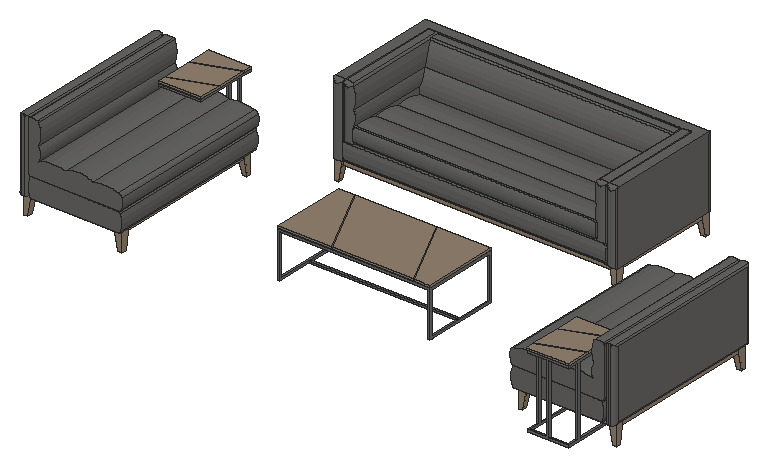
Revit family "Gus-Atwood_Layout_01-Teknion-R2015", category Furniture Systems, Revit 2016 (continued)
Definition of nested family "Seating-Sofa-Teknion-ECSFATWO_Atwood-R2015"
  Definition of nested family "Seating-Sofa-Teknion-Atwood-2D"
    Lines and regions (in)
      Masking region 1, in view "Ref. Level"
        outline origin (0, 0, 0) x (1, 0, 0) y (0, 1, 0)
          loop
            line (41.33064, -16.6143) -> (41.33064, -15.71986) -> (41.33064, -13.83534)
            spline (41.33064, -13.83534) -> (41.41962, -11.51011) -> (41.49245, -9.18417) -> (41.54911, -6.8575) -> (41.58958, -4.53023) -> (41.61388, -2.20259) -> (41.62198, 0.1252) -> (41.61387, 2.4529) -> (41.58955, 4.78031) -> (41.54899, 7.10736) -> (41.49226, 9.43394) -> (41.41945, 11.75988) -> (41.33064, 14.08512)
            line (41.33064, 14.08512) -> (41.33064, 16.84949)
            arc (41.33064, 16.84949) -> (41.27673, 16.97966) -> (41.14656, 17.03357) r 0.18408
            line (41.14656, 17.03357) -> (-41.12713, 17.03357)
            arc (-41.12713, 17.03357) -> (-41.2573, 16.97966) -> (-41.31122, 16.84949) r 0.18408
            line (-41.31122, 16.84949) -> (-41.31122, 14.08512)
      model lines, in view "Ref. Level", detail levels medium+fine
        curve 1: line (-35.10604, -16.50726, 0) -> (-35.30289, -16.70411, 0)
        curve 2: line (-34.85407, -10.12731, 0) -> (-34.7095, -12.21619, 0)
        curve 3: line (-35.0927, -8.63931, 0) -> (-34.85407, -10.12731, 0)
        curve 4: line (-34.7095, -12.21619, 0) -> (-35.10604, -16.50726, 0)
        curve 5: line (-35.10342, -0.76176, 0) -> (-35.10452, -0.77126, 0)
        curve 6: line (-35.10604, 11.05172, 0) -> (-34.71421, 4.15494, 0)
        curve 7: line (-34.79069, 1.78576, 0) -> (-34.85142, 1.06746, 0)
        curve 8: line (-34.96026, -1.57746, 0) -> (-34.84043, -7.00392, 0)
        curve 9: line (-35.10452, -0.77126, 0) -> (-35.10221, -0.78544, 0)
        curve 10: line (-35.10221, -0.78544, 0) -> (-34.96026, -1.57746, 0)
        curve 11: line (-34.85142, 1.06746, 0) -> (-34.88761, 0.75928, 0)
        curve 12: line (-34.84043, -7.00392, 0) -> (-35.0927, -8.63931, 0)
        curve 13: line (-34.71421, 4.15494, 0) -> (-34.79069, 1.78576, 0)
        curve 14: line (-34.88787, 0.75928, 0) -> (-35.10342, -0.76176, 0)
        curve 16: line (-35.10604, 11.05172, 0) -> (-35.10604, 13.85758, 0)
        curve 17: spline (-35.10604, 11.17831, 0) -> (-35.10439, 11.15424, 0) -> (-35.09948, 11.13056, 0) -> (-35.09138, 11.10769, 0) -> (-35.08023, 11.08599, 0) -> (-35.06622, 11.06584, 0) -> (-35.04959, 11.04758, 0) -> (-35.0306, 11.0315, 0) -> (-35.00959, 11.01788, 0) -> (-34.98689, 11.00694, 0) -> (-34.96289, 10.99887, 0) -> (-34.938, 10.9938, 0) -> (-34.91262, 10.99182, 0)
      model lines, in view "Ref. Level", detail levels fine
        curve 15: line (34.81244, 7.11478, 0) -> (-34.78967, 7.11478, 0)
      detail lines, in view "Ref. Level"
        curve 18: line (-37.94382, 13.85758, 0) -> (37.96324, 13.85758, 0)
        curve 19: line (-38.06882, 13.73258, 0) -> (-38.06882, -16.44044, 0)
        curve 20: arc (-37.94382, 13.85758, 0) -> (-38.03221, 13.82097, 0) -> (-38.06882, 13.73258, 0) r 0.125
        curve 37: line (38.08824, 13.73258, 0) -> (38.08824, -16.44044, 0)
        curve 38: arc (37.96324, 13.85758, 0) -> (38.05163, 13.82097, 0) -> (38.08824, 13.73258, 0) r 0.125
      detail lines, in view "Ref. Level", detail levels medium+fine
        curve 21: line (35.12546, -16.50726, 0) -> (35.32231, -16.70411, 0)
        curve 22: line (34.87349, -10.12731, 0) -> (34.72892, -12.21619, 0)
        curve 23: line (35.11212, -8.63931, 0) -> (34.87349, -10.12731, 0)
        curve 24: line (34.72892, -12.21619, 0) -> (35.12546, -16.50726, 0)
        curve 25: line (35.12284, -0.76176, 0) -> (35.12394, -0.77126, 0)
        curve 26: line (35.12546, 11.05172, 0) -> (34.73364, 4.15494, 0)
        curve 27: line (34.81012, 1.78576, 0) -> (34.87084, 1.06746, 0)
        curve 28: line (34.97968, -1.57746, 0) -> (34.85985, -7.00392, 0)
        curve 29: line (35.12394, -0.77126, 0) -> (35.12164, -0.78544, 0)
        curve 30: line (35.12164, -0.78544, 0) -> (34.97968, -1.57746, 0)
        curve 31: line (34.87084, 1.06746, 0) -> (34.90703, 0.75928, 0)
        curve 32: line (34.85985, -7.00392, 0) -> (35.11212, -8.63931, 0)
        curve 33: line (34.73364, 4.15494, 0) -> (34.81012, 1.78576, 0)
        curve 34: line (34.90729, 0.75928, 0) -> (35.12284, -0.76176, 0)
        curve 35: line (35.12546, 11.05172, 0) -> (35.12546, 13.85758, 0)
        curve 36: spline (35.12546, 11.17831, 0) -> (35.1238, 11.15417, 0) -> (35.11886, 11.13044, 0) -> (35.11073, 11.10751, 0) -> (35.09952, 11.08577, 0) -> (35.08544, 11.06559, 0) -> (35.06873, 11.0473, 0) -> (35.04965, 11.03122, 0) -> (35.02854, 11.01761, 0) -> (35.00575, 11.00671, 0) -> (34.98167, 10.99869, 0) -> (34.95668, 10.9937, 0) -> (34.93123, 10.99181, 0)
        curve 43: line (34.93123, 10.99181, 0) -> (27.44799, 11.04291, 0)
        curve 44: line (26.78297, 11.05179, 0) -> (27.30035, 11.04291, 0)
        curve 45: line (26.78297, 11.05179, 0) -> (20.11827, 11.05179, 0)
        curve 46: line (19.54937, 11.04176, 0) -> (20.11827, 11.05179, 0)
        curve 47: line (18.95817, 11.05179, 0) -> (19.47555, 11.04291, 0)
        curve 48: line (18.95817, 11.05179, 0) -> (12.29347, 11.05179, 0)
        curve 49: line (11.72449, 11.04176, 0) -> (12.29347, 11.05179, 0)
        curve 50: line (11.13336, 11.05179, 0) -> (11.65075, 11.04291, 0)
        curve 51: line (11.13336, 11.05179, 0) -> (4.46867, 11.05179, 0)
        curve 52: line (3.97358, 11.04306, 0) -> (4.46867, 11.05179, 0)
        curve 53: line (-12.34105, 11.05179, 0) -> (-11.82366, 11.04291, 0)
        curve 54: line (-12.34105, 11.05179, 0) -> (-19.00574, 11.05179, 0)
        curve 55: line (-19.50083, 11.04306, 0) -> (-19.00574, 11.05179, 0)
        curve 56: line (-34.91262, 10.99182, 0) -> (-27.47357, 11.04321, 0)
        curve 57: line (-20.16585, 11.05179, 0) -> (-19.64847, 11.04291, 0)
        curve 58: line (-20.16585, 11.05179, 0) -> (-26.83055, 11.05179, 0)
        curve 59: line (-27.32563, 11.04321, 0) -> (-26.83055, 11.05179, 0)
        curve 60: line (-4.51624, 11.05179, 0) -> (-3.99886, 11.04291, 0)
        curve 61: line (-4.51624, 11.05179, 0) -> (-11.18094, 11.05179, 0)
        curve 62: line (-11.67603, 11.04298, 0) -> (-11.18094, 11.05179, 0)
        curve 63: line (3.30856, 11.05179, 0) -> (3.82594, 11.04291, 0)
        curve 64: line (3.30856, 11.05179, 0) -> (-3.35614, 11.05179, 0)
        curve 65: line (-3.85123, 11.04306, 0) -> (-3.35614, 11.05179, 0)
        curve 66: line (27.44799, 11.04291, 0) -> (27.30035, 11.04291, 0)
        curve 67: line (19.62318, 11.04291, 0) -> (19.47555, 11.04291, 0)
        curve 68: line (11.79838, 11.04291, 0) -> (11.65075, 11.04291, 0)
        curve 69: line (3.97358, 11.04291, 0) -> (3.82594, 11.04291, 0)
        curve 70: line (-19.50083, 11.04291, 0) -> (-19.64847, 11.04291, 0)
        curve 71: line (-27.47357, 11.04321, 0) -> (-27.32563, 11.04321, 0)
        curve 72: line (-11.67603, 11.04291, 0) -> (-11.82366, 11.04291, 0)
        curve 73: line (-3.85123, 11.04291, 0) -> (-3.99886, 11.04291, 0)
      detail lines, in view "Ref. Level", detail levels fine
        curve 39: line (-35.10221, -0.78544, 0) -> (35.12164, -0.78544, 0)
        curve 40: line (-35.0927, -8.63931, 0) -> (35.11212, -8.63931, 0)
        curve 41: line (-3.92512, 11.04291, 0) -> (-3.92512, -17.02856, 0)
        curve 42: line (3.89969, 11.04291, 0) -> (3.89969, -17.06968, 0)
        curve 74: line (11.72449, -17.02856, 0) -> (11.72449, 11.04176, 0)
        curve 75: line (19.54937, -16.95158, 0) -> (19.54937, 11.04176, 0)
        curve 76: line (27.37399, 11.04291, 0) -> (27.37399, -16.83333, 0)
        curve 77: line (-11.70507, -17.02856, 0) -> (-11.70507, 11.04291, 0)
        curve 78: line (-19.52994, -16.95158, 0) -> (-19.52994, 11.04291, 0)
        curve 79: line (-27.35457, 11.04321, 0) -> (-27.35457, -16.83333, 0)
Definition of nested family "Table-Teknion-ECCTTOBR_Tobias-R2015"
  Parameters (values of type "Coffee Table, Rectangle")
    Width = 3' - 8"
    Warranty = "https://d2r72yk5wmppdj.cloudfront.net/m/03d6e2ec3734b7d8/original/Gus-Limited-Warranty.pdf"
    URL = "http://www.teknion.com/ca/products/landing-pages/gus-modern"
    Series = "Gus Modern"
    Product Page URL = "http://www.teknion.com/ca/products/landing-pages/gus-modern"
    Product Line = "Tobias"
    Part Number = "ECCTTOBR"
    Model = "ECCTTOBR-wn-bp"
    Manufacturer Phone = "416.534.0773 x37"
    Manufacturer Fax = "416.534.2452"
    Manufacturer Contact Information = "Teknion@gusdesigngroup.com"
    Manufacturer Address = "223 Evans Avenue. Toronto, Ontario. Canada. M8Z 1J5"
    Manufacturer = "Gus* Modern"  # constant formula
    Height = 1' - 2"
    Description = "Tobias Coffee Table Rectangle Walnut Black"
    Depth = 1' - 10"
    Assembly Code = "E2020200"
  Reference planes (in)
    plane 1 "Center F/B": y = 0
    plane 2 "Bottom": z = 0
    plane 3 "Center L/R": x = 0
    plane 4 "Top": z = 14.2126
    plane 5 "Left": x = -22.04724
    plane 6 "Right": x = 22.04724
    plane 7 "Back": y = 11.02362
    plane 8 "Front": y = -11.02362
    plane 9 "Leg 3": through (5.44136, -17.86999, 0.3) normal (-0.8849, 0.4305, 0.1776)
  Forms (in)
    Sweep 1, solid
      path origin (0, 0, 0) x (1, 0, 0) y (0, 0, 1)
        loop
          line (0, 13.70079) -> (0, 13.50394)
      profile origin (0, 0, 13.60236) x (0, -1, 0) y (1, 0, 0)
        loop
          line (-10.62992, -21.65354) -> (10.62992, -21.65354) -> (10.62992, 21.65354) -> (-10.62992, 21.65354) -> (-10.62992, -21.65354)
    Sweep 2, solid
      path origin (0, 0, 0) x (1, 0, 0) y (0, 1, 0)
        loop
          line (-22.04724, 0) -> (-21.45669, 0)
      profile origin (-21.75197, 0, 0) x (0, 1, 0) y (0, 0, 1)
        loop
          line (11.02362, 13.50394) -> (-11.02362, 13.50394) -> (-11.02362, 0.11811) -> (11.02362, 0.11811) -> (11.02362, 13.50394)
        loop
          line (10.43307, 12.91339) -> (-10.43307, 12.91339) -> (-10.43307, 0.70866) -> (10.43307, 0.70866) -> (10.43307, 12.91339)
    Sweep 3, solid
      path origin (29.33071, 0, 0) x (1, 0, 0) y (0, 1, 0)
        loop
          line (-7.87402, 0) -> (-7.28346, 0)
      profile origin (21.75197, 0, 0) x (0, 1, 0) y (0, 0, 1)
        loop
          line (11.02362, 13.50394) -> (-11.02362, 13.50394) -> (-11.02362, 0.11811) -> (11.02362, 0.11811) -> (11.02362, 13.50394)
        loop
          line (10.43307, 12.91339) -> (-10.43307, 12.91339) -> (-10.43307, 0.70866) -> (10.43307, 0.70866) -> (10.43307, 12.91339)
    Sweep 4, solid
      path origin (0, 0, 0) x (1, 0, 0) y (0, 0, 1)
        loop
          line (-21.45669, 0) -> (21.45669, 0)
      profile origin (0, 0, 0) x (0, 0, 1) y (0, -1, 0)
        loop
          line (13.50394, -11.02362) -> (13.50394, -10.43307) -> (12.91339, -10.43307) -> (12.91339, -11.02362) -> (13.50394, -11.02362)
        loop
          line (13.50394, 11.02362) -> (12.91339, 11.02362) -> (12.91339, 10.43307) -> (13.50394, 10.43307) -> (13.50394, 11.02362)
        loop
          line (0.70866, -0.29528) -> (0.70866, 0.29528) -> (0.11811, 0.29528) -> (0.11811, -0.29528) -> (0.70866, -0.29528)
    Sweep 5, solid
      path origin (0, 0, 0) x (1, 0, 0) y (0, 0, 1)
        loop
          line (0, 14.2126) -> (0, 13.70079)
      profile origin (0, 0, 13.95669) x (0, -1, 0) y (1, 0, 0)
        loop
          line (11.02362, -6.29921) -> (11.02362, 17.32283) -> (-11.02362, 6.29921) -> (-11.02362, -17.32283) -> (11.02362, -6.29921)
    Sweep 6, solid
      path origin (0, 0, 0) x (1, 0, 0) y (0, 0, 1)
        loop
          line (0, 0) -> (0, 0.11811)
      profile origin (0, 0, 0.05906) x (-1, 0, 0) y (0, -1, 0)
        loop
          circle (21.75197, -10.03937) r 0.15748
        loop
          circle (-21.75197, -10.03937) r 0.15748
        loop
          circle (21.75197, 10.03937) r 0.15748
        loop
          circle (-21.75197, 10.03937) r 0.15748
    Extrusion 7, solid
      sketch origin (-70.30209, -14.1114, 0) x (0, -1, 0) y (1, 0, 0)
        loop
          line (-3.08778, 48.25485) -> (-3.08778, 64.00288) -> (-25.13502, 52.97926) -> (-25.13502, 48.25485) -> (-3.08778, 48.25485)
        loop
          line (-25.13502, 76.60131) -> (-3.08778, 87.62493) -> (-3.08778, 92.34934) -> (-25.13502, 92.34934) -> (-25.13502, 76.60131)
      from 13.70079 to 14.2126
  Cuts and joins
    joined: Sweep 2, Sweep 3, Sweep 4
  Lines and regions (in)
    Masking region 1
      outline origin (0, 0, 14.2126) x (0, 1, 0) y (-1, 0, 0)
        loop
          line (11.02362, 22.04724) -> (-11.02362, 22.04724) -> (-11.02362, -22.04724) -> (11.02362, -22.04724) -> (11.02362, 22.04724)
    symbolic lines, detail levels medium+fine
      curve 1: line (-17.32283, 11.02362, 14.2126) -> (-6.29921, -11.02362, 14.2126)
      curve 2: line (17.32283, -11.02362, 14.2126) -> (6.29921, 11.02362, 14.2126)
    symbolic lines, detail levels fine
      curve 3: line (-21.45669, 10.43307, 14.2126) -> (21.45669, 10.43307, 14.2126)
      curve 4: line (21.45669, 10.43307, 14.2126) -> (21.45669, -10.43307, 14.2126)
      curve 5: line (21.45669, -10.43307, 14.2126) -> (-21.45669, -10.43307, 14.2126)
      curve 6: line (-21.45669, -10.43307, 14.2126) -> (-21.45669, 10.43307, 14.2126)
      curve 7: line (21.45669, 0.29528, 14.2126) -> (-21.45669, 0.29528, 14.2126)
      curve 8: line (-21.45669, -0.29528, 14.2126) -> (21.45669, -0.29528, 14.2126)
  Dimensions and locks (in)
    equal spacing: plane 8 "Front", plane 1 "Center F/B", plane 7 "Back"
    equal spacing: plane 5 "Left", plane 3 "Center L/R", plane 6 "Right"
    locked: plane 4 "Top" to plane 2 "Bottom" at 14.2126
    plane 4 "Top" to Sweep 1 sketch curve to Sweep 1 sketch curve = 0' - 0.51181" locked, 0' - 0.19685" locked
    locked: plane 8 "Front" to Sweep 1 sketch curve at 0.3937
    locked: plane 5 "Left" to Sweep 1 sketch curve at 0.3937
    locked: Sweep 1 sketch curve to plane 6 "Right" at 0.3937
    locked: plane 7 "Back" to Sweep 1 sketch curve at 0.3937
    locked: plane 5 "Left" to Sweep 2 sketch curve at 0.59055
    locked: Sweep 2 sketch curve to plane 2 "Bottom" at 0.11811
    locked: plane 4 "Top" to Sweep 2 sketch curve at 0.70866
    locked: plane 4 "Top" to Sweep 2 sketch curve at 1.29921
    locked: plane 7 "Back" to Sweep 2 sketch curve at 0.59055
    locked: Sweep 2 sketch curve to plane 2 "Bottom" at 0.70866
    locked: Sweep 2 sketch curve to plane 8 "Front" at 0.59055
    locked: Sweep 3 sketch curve to plane 6 "Right" at 0.59055
    Sweep 2 to Sweep 2 to plane 2 "Bottom" = 0' - 0.59055", 0' - 0.11811"
    Sweep 3 sketch curve to Sweep 3 sketch curve to plane 2 "Bottom" = 0' - 0.59055" locked, 0' - 0.11811" locked
    locked: plane 8 "Front" to Sweep 3 sketch curve at 0.59055
    locked: Sweep 3 sketch curve to plane 7 "Back" at 0.59055
    plane 4 "Top" to Sweep 2 to Sweep 3 sketch curve = 0' - 0.70866" locked, 0' - 0.59055" locked
    Sweep 4 sketch curve to plane 1 "Center F/B" to Sweep 4 sketch curve = 0' - 0.29528" locked, 0' - 0.29528" locked
    Sweep 4 sketch curve to Sweep 4 sketch curve to plane 2 "Bottom" = 0' - 0.59055" locked, 0' - 0.11811" locked
    plane 4 "Top" to Sweep 4 sketch curve to Sweep 4 sketch curve = 0' - 0.70866" locked, 0' - 0.59055" locked  (x2)
    locked: Sweep 4 sketch curve to plane 8 "Front" at 0.59055
    locked: plane 7 "Back" to Sweep 4 sketch curve at 0.59055
    locked: plane 5 "Left" to Sweep 5 sketch curve at 4.72441
    locked: plane 5 "Left" to Sweep 5 sketch curve at 15.74803
    locked: Sweep 5 sketch curve to plane 6 "Right" at 4.72441
    locked: Sweep 5 sketch curve to plane 6 "Right" at 15.74803
    locked: plane 4 "Top" to Sweep 5 sketch curve at 0.51181
    locked: plane 5 "Left" to curve 1 at 4.72441
    locked: curve 2 to plane 6 "Right" at 15.74803
    locked: curve 2 to plane 6 "Right" at 4.72441
    locked: plane 5 "Left" to curve 1 at 15.74803
    locked: Sweep 6 sketch curve to plane 2 "Bottom" at 0.11811
    locked: plane 5 "Left" to Sweep 6 sketch curve at 0.29528  (x2)
    locked: plane 7 "Back" to Sweep 6 sketch curve at 0.98425  (x2)
    locked: Sweep 6 sketch curve to plane 6 "Right" at 0.29528  (x2)
    locked: plane 8 "Front" to Sweep 6 sketch curve at 0.98425  (x2)
    locked: plane 4 "Top" to Extrusion 7 at 0.51181
    locked: Sweep 4 sketch curve to plane 5 "Left" at 0.59055
    locked: Sweep 4 sketch curve to plane 6 "Right" at 0.59055
    locked: plane 5 "Left" to Extrusion 7 sketch curve at 4.72441
    locked: plane 5 "Left" to Extrusion 7 sketch curve at 15.74803
    locked: Extrusion 7 sketch curve to plane 6 "Right" at 4.72441
    locked: Extrusion 7 sketch curve to plane 6 "Right" at 15.74803
    aligned and locked: level to plane 2 "Bottom"
    aligned and locked: Sweep 1 sketch curve to plane 3 "Center L/R"
    aligned and locked: plane 5 "Left" to Sweep 2 sketch curve
    aligned and locked: plane 1 "Center F/B" to Sweep 2 sketch curve
    aligned and locked: Sweep 2 sketch curve to plane 8 "Front"
    aligned and locked: Sweep 2 sketch curve to plane 7 "Back"
    aligned and locked: plane 6 "Right" to Sweep 3 sketch curve
    aligned and locked: plane 1 "Center F/B" to Sweep 3 sketch curve
    aligned and locked: plane 8 "Front" to Sweep 3 sketch curve
    aligned and locked: plane 7 "Back" to Sweep 3 sketch curve
    aligned and locked: Sweep 4 sketch curve to plane 2 "Bottom"
    aligned and locked: plane 8 "Front" to Sweep 4 sketch curve
    aligned and locked: Sweep 4 sketch curve to plane 7 "Back"
    aligned and locked: Sweep 5 sketch curve to plane 7 "Back"
    aligned and locked: plane 8 "Front" to Sweep 5 sketch curve
    aligned and locked: Sweep 5 sketch curve to plane 3 "Center L/R"
    aligned and locked: plane 4 "Top" to Sweep 5 sketch curve
    aligned and locked: plane 5 "Left" to Masking region 1 sketch curve
    aligned and locked: Masking region 1 sketch curve to plane 7 "Back"
    aligned and locked: plane 6 "Right" to Masking region 1 sketch curve
    aligned and locked: Masking region 1 sketch curve to plane 8 "Front"
    aligned and locked: plane 3 "Center L/R" to Sweep 6 sketch curve
    aligned and locked: plane 2 "Bottom" to Sweep 6 sketch curve
    aligned and locked: Extrusion 7 sketch curve to plane 8 "Front"
    aligned and locked: plane 6 "Right" to Extrusion 7 sketch curve
    aligned and locked: Extrusion 7 sketch curve to plane 7 "Back"
    aligned and locked: plane 5 "Left" to Extrusion 7 sketch curve
    aligned and locked: plane 4 "Top" to Extrusion 7
    aligned and locked: plane 7 "Back" to curve 1
    aligned and locked: plane 8 "Front" to curve 2
    aligned and locked: curve 3 to cut or joined group of Sweep 2, Sweep 3, Sweep 4
    aligned and locked: curve 4 to cut or joined group of Sweep 2, Sweep 3, Sweep 4
    aligned and locked: curve 5 to cut or joined group of Sweep 2, Sweep 3, Sweep 4
    aligned and locked: cut or joined group of Sweep 2, Sweep 3, Sweep 4 to curve 6
    aligned and locked: curve 7 to cut or joined group of Sweep 2, Sweep 3, Sweep 4
    aligned and locked: curve 8 to cut or joined group of Sweep 2, Sweep 3, Sweep 4
  Automatic sketch dimensions
    Sweep 3 sketch curve to Sweep 3 sketch curve = 0' - 0.59055"
    Extrusion 7 sketch curve to plane 7 "Back" = 0' - 0"
    plane 8 "Front" to Extrusion 7 sketch curve = 0' - 0"
    plane 8 "Front" to curve 1 = 0' - 0"
    curve 2 to plane 7 "Back" = 0' - 0"
    radius of Sweep 6 sketch curve = 0' - 0.15748"  (x4)
Definition of nested family "Seating-Lounge-Teknion-ECLGATWO_Atwood-R2015"
  Parameters (values of type "(See Type Catalog)")
    Width = 4' - 0.963"
    Warranty = "https://d2r72yk5wmppdj.cloudfront.net/m/03d6e2ec3734b7d8/original/Gus-Limited-Warranty.pdf"
    Upholstery Finish = none
    URL = "http://www.teknion.com/ca/products/landing-pages/gus-modern"
    Series = "Gus Modern"
    Product Page URL = "http://www.teknion.com/ca/products/landing-pages/gus-modern"
    Product Line = "Atwood"
    Part Number = "ECLGATWO"
    Model = "ECLGATWO-mu-wn"
    Manufacturer Phone = "416.534.0773 x37"
    Manufacturer Fax = "416.534.2452"
    Manufacturer Contact Information = "Teknion@gusdesigngroup.com"
    Manufacturer Address = "223 Evans Avenue. Toronto, Ontario. Canada. M8Z 1J5"
    Manufacturer = "Gus* Modern"  # constant formula
    Height = 2' - 3"
    Description = "Atwood Lounge Muskoka Surf Walnut"
    Depth = 2' - 6.396"
    Assembly Code = "E2020200"
  Reference planes (in)
    plane 1 "Center F/B": y = 0
    plane 2 "Bottom": z = 0
    plane 3 "Center L/R": x = 0
    plane 4 "Front": y = -15.198
    plane 5 "Back": y = 15.198
    plane 6 "Top": z = 27
    plane 7 "Left": x = -24.4815
    plane 8 "Right": x = 24.4815
    plane 9 "Left Right 1": x = -15.8408
    plane 10 "Left Right 2": x = -7.9204
    plane 11 "Left Right 4": x = 15.8408
    plane 12 "Left Right 3": x = 7.9204
    plane 13 "Masking Regions": z = 17.44026
  Forms (in)
    Sweep 1, solid
      path origin (0, 0, 0) x (1, 0, 0) y (0, 0, 1)
        loop
          line (0, 6.02362) -> (0, 4.64567)
      profile origin (0, 0, 5.33465) x (0, -1, 0) y (1, 0, 0)
        loop
          line (-12.54029, -23.12992) -> (-12.54029, -22.73622) -> (11.86915, -22.73622) -> (11.86915, -23.12992) -> (13.83766, -23.12992) -> (13.83766, -21.16142) -> (13.44396, -21.16142) -> (13.44396, 21.16142) -> (13.83766, 21.16142) -> (13.83766, 23.12992) -> (11.86915, 23.12992) -> (11.86915, 22.73622) -> (-12.54029, 22.73622) -> (-12.54029, 23.12992) -> (-14.5088, 23.12992) -> (-14.5088, 21.16142) -> (-14.1151, 21.16142) -> (-14.1151, -21.16142) -> (-14.5088, -21.16142) -> (-14.5088, -23.12992) -> (-12.54029, -23.12992)
        loop
          line (-12.54029, -21.16142) -> (11.86915, -21.16142) -> (11.86915, 21.16142) -> (-12.54029, 21.16142) -> (-12.54029, -21.16142)
    SweptBlend 2, solid
      path origin (0, 0, 0) x (1, 0, 0) y (0, 0, 1)
        loop
          line (0, 0.11811) -> (0, 4.64567)
      profile origin (0, 0, 0.11811) x (-1, 0, 0) y (0, -1, 0)
        loop
          line (23.12992, 12.64521) -> (23.12992, 13.83766) -> (21.93747, 13.83766) -> (21.93747, 12.64521) -> (23.12992, 12.64521)
      end profile origin (0, 0, 4.64567) x (-1, 0, 0) y (0, -1, 0)
        loop
          line (21.16142, 11.86915) -> (23.12992, 11.86915) -> (23.12992, 13.83766) -> (21.16142, 13.83766) -> (21.16142, 11.86915)
    SweptBlend 3, solid
      path origin (35.23644, 0, 0) x (1, 0, 0) y (0, 0, 1)
        loop
          line (-35.23644, 0.11811) -> (-35.23644, 4.64567)
      profile origin (0, 0, 0.11811) x (-1, 0, 0) y (0, -1, 0)
        loop
          line (-23.12992, 12.64521) -> (-21.93747, 12.64521) -> (-21.93747, 13.83766) -> (-23.12992, 13.83766) -> (-23.12992, 12.64521)
      end profile origin (0, 0, 4.64567) x (-1, 0, 0) y (0, -1, 0)
        loop
          line (-21.16142, 11.86915) -> (-21.16142, 13.83766) -> (-23.12992, 13.83766) -> (-23.12992, 11.86915) -> (-21.16142, 11.86915)
    SweptBlend 4, solid
      path origin (0, 0, 0) x (1, 0, 0) y (0, 0, 1)
        loop
          line (0, 0.11811) -> (0, 4.64567)
      profile origin (0, 0, 0.11811) x (-1, 0, 0) y (0, -1, 0)
        loop
          line (-23.12992, -14.5088) -> (-21.93747, -14.5088) -> (-21.93747, -13.31635) -> (-23.12992, -13.31635) -> (-23.12992, -14.5088)
      end profile origin (0, 0, 4.64567) x (-1, 0, 0) y (0, -1, 0)
        loop
          line (-21.16142, -14.5088) -> (-21.16142, -12.54029) -> (-23.12992, -12.54029) -> (-23.12992, -14.5088) -> (-21.16142, -14.5088)
    SweptBlend 5, solid
      path origin (-32.48031, 0, 0) x (1, 0, 0) y (0, 0, 1)
        loop
          line (32.48031, 0.11811) -> (32.48031, 4.64567)
      profile origin (0, 0, 0.11811) x (-1, 0, 0) y (0, -1, 0)
        loop
          line (21.93747, -14.5088) -> (23.12992, -14.5088) -> (23.12992, -13.31635) -> (21.93747, -13.31635) -> (21.93747, -14.5088)
      end profile origin (0, 0, 4.64567) x (-1, 0, 0) y (0, -1, 0)
        loop
          line (23.12992, -14.5088) -> (23.12992, -12.54029) -> (21.16142, -12.54029) -> (21.16142, -14.5088) -> (23.12992, -14.5088)
    Sweep 6, solid, material <- "Upholstery Finish"
      path origin (0, 0, 0) x (1, 0, 0) y (0, 1, 0)
        loop
          line (-24.4815, 0) -> (24.4815, 0)
      profile origin (0, 0, 0) x (0, 1, 0) y (0, 0, 1)
        loop
          arc (-6.60984, 16.6018) -> (-10.39032, 17.01625) -> (-14.13486, 16.35133) r 13.39273
          arc (-14.13486, 16.35133) -> (-14.68796, 16.00503) -> (-15.01728, 15.44166) r 1.36595
          arc (-15.01728, 15.44166) -> (-15.16051, 13.55407) -> (-14.51428, 11.77477) r 4.49703
          arc (-14.51428, 11.77477) -> (-14.33638, 11.62156) -> (-14.10816, 11.56643) r 0.5
          line (-14.10816, 11.56643) -> (11.15713, 11.56643)
          arc (11.15713, 11.56643) -> (11.86424, 11.85933) -> (12.15713, 12.56643) r 1
          line (12.15713, 12.56643) -> (12.15713, 26.13194)
          arc (12.15713, 26.13194) -> (12.07786, 26.4021) -> (11.86518, 26.5866) r 0.5
          arc (11.86518, 26.5866) -> (10.61954, 26.88854) -> (9.35125, 26.70353) r 3.36989
          arc (9.35125, 26.70353) -> (9.1679, 26.59025) -> (9.04926, 26.41031) r 0.5
          arc (9.04926, 26.41031) -> (8.49146, 23.35106) -> (9.07973, 20.29752) r 8.43751
          arc (9.07973, 20.29752) -> (8.46932, 18.28843) -> (9.07973, 16.27935) r 3.6115
          arc (9.07973, 16.27935) -> (5.23502, 17.14921) -> (1.33132, 16.6018) r 10.95417
          arc (1.33132, 16.6018) -> (-2.63926, 17.40926) -> (-6.60984, 16.6018) r 10.16614
        loop
          arc (-14.55386, 11.1838) -> (-14.91845, 8.77927) -> (-14.55239, 6.37496) r 8.09501
          arc (-14.55239, 6.37496) -> (-14.37137, 6.12093) -> (-14.075, 6.02362) r 0.5
          line (-14.075, 6.02362) -> (11.20472, 6.02362)
          arc (11.20472, 6.02362) -> (11.50109, 6.12093) -> (11.6821, 6.37496) r 0.5
          arc (11.6821, 6.37496) -> (12.04817, 8.77927) -> (11.68357, 11.1838) r 8.09501
          arc (11.68357, 11.1838) -> (11.50259, 11.43804) -> (11.20609, 11.53543) r 0.5
          line (11.20609, 11.53543) -> (-14.07638, 11.53543)
          arc (-14.07638, 11.53543) -> (-14.37287, 11.43804) -> (-14.55386, 11.1838) r 0.5
        loop
          arc (12.29299, 6.34933) -> (13.59655, 6.02367) -> (14.896, 6.36533) r 2.70527
          arc (14.896, 6.36533) -> (14.97405, 6.44159) -> (15.0027, 6.54687) r 0.20779
          line (15.0027, 6.54687) -> (15.0027, 26.25776)
          arc (15.0027, 26.25776) -> (14.92806, 26.52057) -> (14.72642, 26.70492) r 0.5
          arc (14.72642, 26.70492) -> (13.5949, 26.97175) -> (12.46377, 26.70328) r 2.52481
          arc (12.46377, 26.70328) -> (12.26259, 26.51895) -> (12.18813, 26.25645) r 0.5
          line (12.18813, 26.25645) -> (12.18813, 6.52525)
          arc (12.18813, 6.52525) -> (12.21634, 6.42285) -> (12.29299, 6.34933) r 0.2
    Sweep 7, solid
      path origin (0, 0, 0) x (1, 0, 0) y (0, 0, 1)
        loop
          line (0, 0) -> (0, 0.11811)
      profile origin (0, 0, 0.05906) x (-1, 0, 0) y (0, -1, 0)
        loop
          circle (-22.53937, 13.24711) r 0.29528
        loop
          circle (-22.53937, -13.91825) r 0.29528
        loop
          circle (22.53937, 13.24711) r 0.29528
        loop
          circle (22.53937, -13.91825) r 0.29528
    Sweep 8, void
      path origin (0, 0, 0) x (1, 0, 0) y (0, 0, 1)
        loop
          line (0, 27) -> (0, 0)
      profile origin (0, 0, 13.5) x (0, -1, 0) y (1, 0, 0)
        loop
          arc (-14.0027, -24.4815) -> (-14.70981, -24.18861) -> (-15.0027, -23.4815) r 1
          line (-15.0027, -23.4815) -> (-15.0027, -23.3769) -> (-15.198, -23.3769) -> (-15.198, -25.1269) -> (-12.15713, -25.1269) -> (-12.15713, -23.4815) -> (-12.18813, -23.4815)
          arc (-12.18813, -23.4815) -> (-12.48103, -24.18861) -> (-13.18813, -24.4815) r 1
          line (-13.18813, -24.4815) -> (-14.0027, -24.4815)
        loop
          line (-14.0027, 24.4815) -> (-13.18813, 24.4815)
          arc (-13.18813, 24.4815) -> (-12.48103, 24.18861) -> (-12.18813, 23.4815) r 1
          line (-12.18813, 23.4815) -> (-12.15713, 23.4815) -> (-12.15713, 25.1269) -> (-15.198, 25.1269) -> (-15.198, 23.3769) -> (-15.0027, 23.3769) -> (-15.0027, 23.4815)
          arc (-15.0027, 23.4815) -> (-14.70981, 24.18861) -> (-14.0027, 24.4815) r 1
  Cuts and joins
    joined: Sweep 1, SweptBlend 2, SweptBlend 3, SweptBlend 4, SweptBlend 5
    Sweep 8 cuts Sweep 6
  Lines and regions (in)
    model lines
      curve 1: arc (-15.8408, -15.04701, 15.45046) -> (-15.8408, -14.71021, 16.02661) -> (-15.8408, -14.14456, 16.38077) r 1.39695
      curve 2: arc (-15.8408, -14.14456, 16.38077) -> (-15.8408, -10.39659, 17.04706) -> (-15.8408, -6.61229, 16.63444) r 13.42373
      curve 3: arc (-15.8408, -6.61229, 16.63444) -> (-15.8408, -2.63986, 17.44026) -> (-15.8408, 1.33266, 16.6349) r 10.19714
      curve 4: arc (-15.8408, 1.33266, 16.6349) -> (-15.8408, 5.19165, 17.18195) -> (-15.8408, 8.99876, 16.34711) r 10.98517
      curve 5: arc (-15.8408, 8.99876, 16.34711) -> (-15.8408, 8.43857, 18.33099) -> (-15.8408, 9.04496, 20.30123) r 3.6425
      curve 6: arc (-15.8408, 9.04496, 20.30123) -> (-15.8408, 8.46042, 23.35901) -> (-15.8408, 9.02031, 26.4214) r 8.46851
      curve 7: arc (-15.8408, 9.02031, 26.4214) -> (-15.8408, 9.14631, 26.61249) -> (-15.8408, 9.34103, 26.73279) r 0.531
      curve 8: arc (-15.8408, 9.34103, 26.73279) -> (-15.8408, 10.62098, 26.91951) -> (-15.8408, 11.87808, 26.61479) r 3.40089
      curve 9: arc (-15.8408, -14.54053, 11.75829) -> (-15.8408, -15.19123, 13.54986) -> (-15.8408, -15.04701, 15.45046) r 4.52803
      curve 10: arc (-7.9204, -15.04701, 15.45046) -> (-7.9204, -14.71021, 16.02661) -> (-7.9204, -14.14456, 16.38077) r 1.39695
      curve 11: arc (-7.9204, -14.14456, 16.38077) -> (-7.9204, -10.39659, 17.04706) -> (-7.9204, -6.61229, 16.63444) r 13.42373
      curve 12: arc (-7.9204, -6.61229, 16.63444) -> (-7.9204, -2.63986, 17.44026) -> (-7.9204, 1.33266, 16.6349) r 10.19714
      curve 13: arc (-7.9204, 1.33266, 16.6349) -> (-7.9204, 5.19165, 17.18195) -> (-7.9204, 8.99876, 16.34711) r 10.98517
      curve 14: arc (-7.9204, 8.99876, 16.34711) -> (-7.9204, 8.43857, 18.33099) -> (-7.9204, 9.04496, 20.30123) r 3.6425
      curve 15: arc (-7.9204, 9.04496, 20.30123) -> (-7.9204, 8.46042, 23.35901) -> (-7.9204, 9.02031, 26.4214) r 8.46851
      curve 16: arc (-7.9204, 9.02031, 26.4214) -> (-7.9204, 9.14631, 26.61249) -> (-7.9204, 9.34103, 26.73279) r 0.531
      curve 17: arc (-7.9204, 9.34103, 26.73279) -> (-7.9204, 10.62098, 26.91951) -> (-7.9204, 11.87808, 26.61479) r 3.40089
      curve 18: arc (-7.9204, -14.54053, 11.75829) -> (-7.9204, -15.19123, 13.54986) -> (-7.9204, -15.04701, 15.45046) r 4.52803
      curve 19: arc (0, -15.04701, 15.45046) -> (0, -14.71021, 16.02661) -> (0, -14.14456, 16.38077) r 1.39695
      curve 20: arc (0, -14.14456, 16.38077) -> (0, -10.39659, 17.04706) -> (0, -6.61229, 16.63444) r 13.42373
      curve 21: arc (0, -6.61229, 16.63444) -> (0, -2.63986, 17.44026) -> (0, 1.33266, 16.6349) r 10.19714
      curve 22: arc (0, 1.33266, 16.6349) -> (0, 5.19165, 17.18195) -> (0, 8.99876, 16.34711) r 10.98517
      curve 23: arc (0, 8.99876, 16.34711) -> (0, 8.43857, 18.33099) -> (0, 9.04496, 20.30123) r 3.6425
      curve 24: arc (0, 9.04496, 20.30123) -> (0, 8.46042, 23.35901) -> (0, 9.02031, 26.4214) r 8.46851
      curve 25: arc (0, 9.02031, 26.4214) -> (0, 9.14631, 26.61249) -> (0, 9.34103, 26.73279) r 0.531
      curve 26: arc (0, 9.34103, 26.73279) -> (0, 10.62098, 26.91951) -> (0, 11.87808, 26.61479) r 3.40089
      curve 27: arc (0, -14.54053, 11.75829) -> (0, -15.19123, 13.54986) -> (0, -15.04701, 15.45046) r 4.52803
      curve 28: arc (7.9204, -15.04701, 15.45046) -> (7.9204, -14.71021, 16.02661) -> (7.9204, -14.14456, 16.38077) r 1.39695
      curve 29: arc (7.9204, -14.14456, 16.38077) -> (7.9204, -10.39659, 17.04706) -> (7.9204, -6.61229, 16.63444) r 13.42373
      curve 30: arc (7.9204, -6.61229, 16.63444) -> (7.9204, -2.63986, 17.44026) -> (7.9204, 1.33266, 16.6349) r 10.19714
      curve 31: arc (7.9204, 1.33266, 16.6349) -> (7.9204, 5.19165, 17.18195) -> (7.9204, 8.99876, 16.34711) r 10.98517
      curve 32: arc (7.9204, 8.99876, 16.34711) -> (7.9204, 8.43857, 18.33099) -> (7.9204, 9.04496, 20.30123) r 3.6425
      curve 33: arc (7.9204, 9.04496, 20.30123) -> (7.9204, 8.46042, 23.35901) -> (7.9204, 9.02031, 26.4214) r 8.46851
      curve 34: arc (7.9204, 9.02031, 26.4214) -> (7.9204, 9.14631, 26.61249) -> (7.9204, 9.34103, 26.73279) r 0.531
      curve 35: arc (7.9204, 9.34103, 26.73279) -> (7.9204, 10.62098, 26.91951) -> (7.9204, 11.87808, 26.61479) r 3.40089
      curve 36: arc (7.9204, -14.54053, 11.75829) -> (7.9204, -15.19123, 13.54986) -> (7.9204, -15.04701, 15.45046) r 4.52803
      curve 37: arc (15.8408, -15.04701, 15.45046) -> (15.8408, -14.71021, 16.02661) -> (15.8408, -14.14456, 16.38077) r 1.39695
      curve 38: arc (15.8408, -14.14456, 16.38077) -> (15.8408, -10.39659, 17.04706) -> (15.8408, -6.61229, 16.63444) r 13.42373
      curve 39: arc (15.8408, -6.61229, 16.63444) -> (15.8408, -2.63986, 17.44026) -> (15.8408, 1.33266, 16.6349) r 10.19714
      curve 40: arc (15.8408, 1.33266, 16.6349) -> (15.8408, 5.19165, 17.18195) -> (15.8408, 8.99876, 16.34711) r 10.98517
      curve 41: arc (15.8408, 8.99876, 16.34711) -> (15.8408, 8.43857, 18.33099) -> (15.8408, 9.04496, 20.30123) r 3.6425
      curve 42: arc (15.8408, 9.04496, 20.30123) -> (15.8408, 8.46042, 23.35901) -> (15.8408, 9.02031, 26.4214) r 8.46851
      curve 43: arc (15.8408, 9.02031, 26.4214) -> (15.8408, 9.14631, 26.61249) -> (15.8408, 9.34103, 26.73279) r 0.531
      curve 44: arc (15.8408, 9.34103, 26.73279) -> (15.8408, 10.62098, 26.91951) -> (15.8408, 11.87808, 26.61479) r 3.40089
      curve 45: arc (15.8408, -14.54053, 11.75829) -> (15.8408, -15.19123, 13.54986) -> (15.8408, -15.04701, 15.45046) r 4.52803
  Dimensions and locks (in)
    equal spacing: plane 5 "Back", plane 1 "Center F/B", plane 4 "Front"
    locked: plane 6 "Top" to plane 2 "Bottom" at 27
    locked: plane 4 "Front" to plane 5 "Back" at 30.396
    Sweep 1 sketch curve to Sweep 1 sketch curve to plane 2 "Bottom" = 0' - 1.37795" locked, 0' - 4.64567" locked
    SweptBlend 2 sketch curve to SweptBlend 2 sketch curve to plane 2 "Bottom" = 0' - 4.52756" locked, 0' - 0.11811" locked
    SweptBlend 2 sketch curve to Sweep 1 to plane 4 "Front" = 0' - 1.9685" locked, 0' - 1.36034"
    locked: Sweep 1 to SweptBlend 2 sketch curve at 1.9685
    SweptBlend 3 sketch curve to SweptBlend 3 sketch curve to plane 2 "Bottom" = 0' - 4.52756" locked, 0' - 0.11811" locked
    SweptBlend 3 sketch curve to SweptBlend 3 sketch curve to plane 8 "Right" = 0' - 1.19245" locked, 0' - 1 45/128" locked
    SweptBlend 4 sketch curve to SweptBlend 4 sketch curve to plane 2 "Bottom" = 0' - 4.52756" locked, 0' - 0.11811" locked
    SweptBlend 4 sketch curve to SweptBlend 4 sketch curve to plane 8 "Right" = 0' - 1.19245" locked, 0' - 1 45/128" locked
    SweptBlend 5 sketch curve to SweptBlend 5 sketch curve to plane 2 "Bottom" = 0' - 4.52756" locked, 0' - 0.11811" locked
    plane 7 "Left" to SweptBlend 5 sketch curve to SweptBlend 5 sketch curve = 0' - 1 45/128" locked, 0' - 1.19245" locked
    plane 5 "Back" to SweptBlend 5 sketch curve to SweptBlend 5 sketch curve = 0' - 0.6892" locked, 0' - 1.19245" locked
    locked: Sweep 1 to SweptBlend 5 sketch curve at 1.9685
    SweptBlend 5 sketch curve to Sweep 1 to plane 5 "Back" = 0' - 1.9685" locked, 0' - 0.6892"
    equal spacing: plane 7 "Left", plane 3 "Center L/R", plane 8 "Right"
    locked: plane 7 "Left" to plane 8 "Right" at 48.963
    locked: Sweep 7 sketch curve to plane 2 "Bottom" at 0.11811
    locked: Sweep 7 sketch curve to plane 8 "Right" at 1.94213
    locked: Sweep 7 sketch curve to plane 5 "Back" at 1.27975
    locked: Sweep 1 sketch curve to plane 4 "Front" at 3.32885
    locked: plane 3 "Center L/R" to Sweep 1 sketch curve at 23.12992
    locked: plane 7 "Left" to SweptBlend 2 sketch curve at 1.35158
    locked: SweptBlend 2 sketch curve to plane 4 "Front" at 1.36034
    locked: SweptBlend 3 sketch curve to plane 4 "Front" at 1.36034
    locked: SweptBlend 4 sketch curve to plane 5 "Back" at 0.6892
    locked: Sweep 8 sketch curve to plane 7 "Left" at 0.6454
    plane 9 "Left Right 1" to plane 10 "Left Right 2" to plane 3 "Center L/R" to plane 12 "Left Right 3" to plane 11 "Left Right 4" = 0' - 7.9204" locked, 0' - 7.9204" locked, 0' - 7.9204" locked, 0' - 7.9204" locked
    locked: plane 13 "Masking Regions" to plane 2 "Bottom" at 17.44026
    locked: Sweep 6 sketch curve to plane 2 "Bottom" at 6.02362
    locked: plane 1 "Center F/B" to Sweep 6 sketch curve at 12.18813
    aligned and locked: level to plane 2 "Bottom"
    aligned and locked: Sweep 1 sketch curve to plane 3 "Center L/R"
    aligned and locked: plane 3 "Center L/R" to SweptBlend 2 sketch curve
    aligned and locked: plane 3 "Center L/R" to SweptBlend 3 sketch curve
    aligned and locked: plane 3 "Center L/R" to SweptBlend 5 sketch curve
    aligned and locked: plane 1 "Center F/B" to Sweep 6 sketch curve
    aligned and locked: plane 2 "Bottom" to Sweep 7 sketch curve
    aligned and locked: plane 3 "Center L/R" to Sweep 7 sketch curve
    aligned and locked: plane 8 "Right" to Sweep 6 sketch curve
    aligned and locked: plane 7 "Left" to Sweep 6 sketch curve
    aligned and locked: plane 6 "Top" to Sweep 8 sketch curve
    aligned and locked: plane 2 "Bottom" to Sweep 8 sketch curve
    aligned and locked: Sweep 8 sketch curve to plane 3 "Center L/R"
    aligned and locked: Sweep 8 sketch curve to plane 5 "Back"
    aligned and locked: plane 1 "Center F/B" to nested 1
    aligned and locked: plane 3 "Center L/R" to nested 1
  Automatic sketch dimensions
    SweptBlend 2 sketch curve to SweptBlend 2 sketch curve = 0' - 1.9685"  (x2)
    SweptBlend 3 sketch curve to SweptBlend 3 sketch curve = 0' - 1.9685"  (x2)
    SweptBlend 4 sketch curve to plane 3 "Center L/R" = 0' - 0"
    SweptBlend 4 sketch curve to SweptBlend 4 sketch curve = 0' - 1.9685"  (x2)
    SweptBlend 5 sketch curve to SweptBlend 5 sketch curve = 0' - 1.9685"  (x2)
    Sweep 1 sketch curve to plane 1 "Center F/B" = 1' - 2.5088"  (x2)
    Sweep 1 sketch curve to Sweep 1 sketch curve = 0' - 0.3937"  (x4)
    Sweep 1 sketch curve to Sweep 1 sketch curve = 0' - 1.5748"  (x4)
    Sweep 1 sketch curve to Sweep 1 sketch curve = 0' - 1.9685"  (x4)
    Sweep 1 sketch curve to Sweep 1 sketch curve = 0' - 0"  (x5)
    profile plane to Sweep 1 sketch curve = 1' - 11.12992"  (x2)
    Sweep 1 sketch curve to profile plane = 1' - 9.16142"
    profile plane to SweptBlend 3 sketch curve = 1' - 11.12992"
    profile plane to SweptBlend 4 sketch curve = 1' - 11.12992"
    SweptBlend 2 sketch curve to SweptBlend 2 sketch curve = 0' - 1.19245"  (x2)
    profile plane to SweptBlend 3 sketch curve = 0' - 11.86915"
    SweptBlend 3 sketch curve to SweptBlend 3 sketch curve = 0' - 1.19245"
    SweptBlend 4 sketch curve to plane 1 "Center F/B" = 1' - 2.5088"
    SweptBlend 4 sketch curve to SweptBlend 4 sketch curve = 0' - 1.19245"
    profile plane to Sweep 7 sketch curve = 1' - 10.53937"
    Sweep 7 sketch curve to profile plane = 1' - 10.53937"  (x2)
    Sweep 7 sketch curve to plane 1 "Center F/B" = 1' - 1.91825"
    plane 1 "Center F/B" to Sweep 7 sketch curve = 1' - 1.24711"  (x2)
    Sweep 6 sketch curve to Sweep 6 sketch curve = 0' - 0.03178"
    Sweep 6 sketch curve to Sweep 6 sketch curve = 0' - 0.40065"
    Sweep 6 sketch curve to Sweep 6 sketch curve = 0' - 3.0023"
    Sweep 6 sketch curve to Sweep 6 sketch curve = 0' - 3.12133"
    profile plane to Sweep 6 sketch curve = 0' - 2.63926"
    Sweep 6 sketch curve to profile plane = 0' - 3.95316"
    Sweep 6 sketch curve to Sweep 6 sketch curve = 0' - 0.82638"
    Sweep 6 sketch curve to profile plane = 0' - 9.5162"
    Sweep 6 sketch curve to Sweep 6 sketch curve = 0' - 0.94677"
    Sweep 6 sketch curve to Sweep 6 sketch curve = 0' - 0.04896"
    Sweep 6 sketch curve to Sweep 6 sketch curve = 0' - 2.14093"
    Sweep 6 sketch curve to Sweep 6 sketch curve = 0' - 1.61785"
    Sweep 6 sketch curve to Sweep 6 sketch curve = 0' - 1"
    Sweep 6 sketch curve to Sweep 6 sketch curve = 0' - 0.98342"
    Sweep 6 sketch curve to Sweep 6 sketch curve = 0' - 0.2"
    Sweep 6 sketch curve to Sweep 6 sketch curve = 0' - 0 1/2"  (x5)
    Sweep 6 sketch curve to Sweep 6 sketch curve = 0' - 1.19178"
    Sweep 6 sketch curve to Sweep 6 sketch curve = 0' - 0.90859"
    Sweep 6 sketch curve to Sweep 6 sketch curve = 0' - 1.81457"
    level to Sweep 6 sketch curve = 0' - 6.20451"
    Sweep 6 sketch curve to Sweep 6 sketch curve = 0' - 0.00163"
    level to Sweep 6 sketch curve = 0' - 7.24312"
    Sweep 6 sketch curve to Sweep 6 sketch curve = 0' - 2.18202"
    Sweep 6 sketch curve to Sweep 6 sketch curve = 0' - 2.57723"
    Sweep 6 sketch curve to Sweep 6 sketch curve = 0' - 1.53862"
    Sweep 6 sketch curve to Sweep 6 sketch curve = 0' - 2.30654"
    Sweep 6 sketch curve to Sweep 6 sketch curve = 0' - 4.51181"
    Sweep 6 sketch curve to Sweep 6 sketch curve = 0' - 0.031"
    Sweep 6 sketch curve to Sweep 6 sketch curve = 0' - 2.09879"
    Sweep 6 sketch curve to Sweep 6 sketch curve = 0' - 2.98752"
    Sweep 6 sketch curve to Sweep 6 sketch curve = 0' - 5.722"
    Sweep 6 sketch curve to Sweep 6 sketch curve = 0' - 5.10468"
    Sweep 6 sketch curve to Sweep 6 sketch curve = 0' - 5.23386"
    Sweep 6 sketch curve to Sweep 6 sketch curve = 0' - 0.92464"
    Sweep 6 sketch curve to Sweep 6 sketch curve = 0' - 1.685"
    Sweep 6 sketch curve to Sweep 6 sketch curve = 0' - 0.09958"
    Sweep 6 sketch curve to Sweep 6 sketch curve = 0' - 0.12451"
    Sweep 6 sketch curve to Sweep 6 sketch curve = 0' - 1.30977"
    Sweep 6 sketch curve to Sweep 6 sketch curve = 0' - 0"  (x8)
    Sweep 6 sketch curve to Sweep 6 sketch curve = 0' - 4.09536"
    Sweep 6 sketch curve to profile plane = 0' - 1.33132"
    Sweep 6 sketch curve to Sweep 6 sketch curve = 0' - 0.46694"
    Sweep 6 sketch curve to Sweep 6 sketch curve = 0' - 3.00109"
    Sweep 6 sketch curve to Sweep 6 sketch curve = 0' - 2.40678"
    Sweep 6 sketch curve to Sweep 6 sketch curve = 0' - 1.81082"
    Sweep 6 sketch curve to Sweep 6 sketch curve = 0' - 4.18419"
    Sweep 6 sketch curve to Sweep 6 sketch curve = 0' - 3.88176"
    Sweep 6 sketch curve to Sweep 6 sketch curve = 0' - 0.00138"  (x2)
    Sweep 6 sketch curve to Sweep 6 sketch curve = 0' - 1.92617"
    Sweep 6 sketch curve to Sweep 6 sketch curve = 0' - 0.20779"
    Sweep 6 sketch curve to Sweep 6 sketch curve = 0' - 2.39269"
    Sweep 6 sketch curve to Sweep 6 sketch curve = 0' - 0.02162"
    Sweep 8 sketch curve to plane 1 "Center F/B" = 1' - 3.198"
    Sweep 8 sketch curve to Sweep 8 sketch curve = 0' - 0 25/128"  (x2)
    Sweep 8 sketch curve to Sweep 8 sketch curve = 0' - 1"  (x4)
    Sweep 8 sketch curve to Sweep 8 sketch curve = 0' - 0.81457"  (x2)
    Sweep 8 sketch curve to Sweep 8 sketch curve = 0' - 0.031"
    Sweep 8 sketch curve to Sweep 8 sketch curve = 0' - 1.031"
    Sweep 8 sketch curve to Sweep 8 sketch curve = 0' - 0.6454"  (x2)
    Sweep 8 sketch curve to Sweep 8 sketch curve = 0' - 0.1046"  (x2)
    Sweep 8 sketch curve to profile plane = 1' - 11.3769"
    plane 4 "Front" to curve 1 = 0' - 1.49049"
    plane 1 "Center F/B" to curve 3 = 0' - 2.63926"
    plane 6 "Top" to curve 7 = 0' - 0.76848"
    curve 7 to curve 8 = 0' - 0.94677"
    plane 5 "Back" to curve 5 = 0' - 3 15/128"
    curve 6 to plane 5 "Back" = 0' - 1.73087"
    level to curve 4 = 0' - 6.20451"
    plane 4 "Front" to curve 2 = 0' - 1.05344"
    plane 4 "Front" to curve 1 = 0' - 0.15099"
    curve 4 to curve 5 = 0' - 3.08206"
    curve 7 to curve 7 = 0' - 0.49589"
    curve 6 to curve 7 = 0' - 0"
    curve 6 to curve 8 = 0' - 1.41801"
    curve 7 to curve 7 = 0' - 0.32071"
    curve 8 to curve 7 = 0' - 0"
    plane 6 "Top" to curve 8 = 0' - 0.38521"
    curve 7 to curve 8 = 0' - 2.36188"
    curve 1 to curve 2 = 0' - 0"
    plane 4 "Front" to curve 9 = 0' - 0.65747"
    curve 4 to plane 1 "Center F/B" = 0' - 4.77954"
    level to curve 2 = 0' - 3.63093"
    level to curve 3 = 0' - 7.24312"
    curve 9 to curve 1 = 0' - 0"
    plane 4 "Front" to curve 10 = 0' - 1.49049"
    plane 1 "Center F/B" to curve 12 = 0' - 2.63926"
    curve 13 to plane 1 "Center F/B" = 0' - 4.77954"
    plane 6 "Top" to curve 16 = 0' - 0.76848"
    curve 16 to curve 17 = 0' - 0.94677"
    plane 5 "Back" to curve 14 = 0' - 3 15/128"
    curve 15 to plane 5 "Back" = 0' - 1.73087"
    level to curve 11 = 0' - 3.63093"
    plane 4 "Front" to curve 10 = 0' - 1.05344"
    curve 11 to curve 10 = 0' - 0"
    plane 4 "Front" to curve 18 = 0' - 0.65747"
    plane 4 "Front" to curve 18 = 0' - 0.15099"
    curve 12 to plane 1 "Center F/B" = 0' - 1.33266"
    curve 13 to curve 14 = 0' - 3.08206"
    curve 15 to curve 16 = 0' - 0.49589"
    curve 16 to curve 15 = 0' - 0"
    curve 14 to curve 17 = 0' - 1.41801"
    curve 16 to curve 16 = 0' - 0.32071"
    curve 17 to curve 16 = 0' - 0"
    plane 6 "Top" to curve 17 = 0' - 0.38521"
    curve 16 to curve 17 = 0' - 2.36188"
    curve 18 to curve 10 = 0' - 0"
    plane 4 "Front" to curve 19 = 0' - 1.49049"
    plane 1 "Center F/B" to curve 21 = 0' - 2.63926"
    curve 22 to plane 1 "Center F/B" = 0' - 4.77954"
    plane 6 "Top" to curve 25 = 0' - 0.76848"
    curve 25 to curve 26 = 0' - 0.94677"
    plane 5 "Back" to curve 23 = 0' - 3 15/128"
    curve 24 to plane 5 "Back" = 0' - 1.73087"
    level to curve 20 = 0' - 3.63093"
    plane 4 "Front" to curve 19 = 0' - 1.05344"
    curve 20 to curve 19 = 0' - 0"
    plane 4 "Front" to curve 27 = 0' - 0.65747"
    plane 4 "Front" to curve 27 = 0' - 0.15099"
    curve 21 to plane 1 "Center F/B" = 0' - 1.33266"
    curve 22 to curve 23 = 0' - 3.08206"
    curve 24 to curve 25 = 0' - 0.49589"
    curve 25 to curve 24 = 0' - 0"
    curve 23 to curve 26 = 0' - 1.41801"
    curve 25 to curve 25 = 0' - 0.32071"
    curve 26 to curve 25 = 0' - 0"
    plane 6 "Top" to curve 26 = 0' - 0.38521"
    curve 25 to curve 26 = 0' - 2.36188"
    curve 27 to curve 19 = 0' - 0"
    curve 28 to plane 4 "Front" = 0' - 1.49049"
    curve 30 to plane 1 "Center F/B" = 0' - 2.63926"
    plane 1 "Center F/B" to curve 31 = 0' - 4.77954"
    curve 34 to plane 6 "Top" = 0' - 0.76848"
    curve 34 to curve 35 = 0' - 0.94677"
    curve 32 to plane 5 "Back" = 0' - 3 15/128"
    plane 5 "Back" to curve 33 = 0' - 1.73087"
    curve 29 to level = 0' - 3.63093"
    curve 28 to plane 4 "Front" = 0' - 1.05344"
    curve 29 to curve 28 = 0' - 0"
    curve 36 to plane 4 "Front" = 0' - 0.65747"
    curve 36 to plane 4 "Front" = 0' - 0.15099"
    curve 28 to curve 36 = 0' - 0"
    plane 1 "Center F/B" to curve 30 = 0' - 1.33266"
    curve 31 to curve 32 = 0' - 3.08206"
    curve 33 to curve 34 = 0' - 0.49589"
    curve 34 to curve 33 = 0' - 0"
    curve 32 to curve 35 = 0' - 1.41801"
    curve 34 to curve 34 = 0' - 0.32071"
    curve 35 to curve 34 = 0' - 0"
    curve 35 to plane 6 "Top" = 0' - 0.38521"
    curve 34 to curve 35 = 0' - 2.36188"
    curve 37 to plane 4 "Front" = 0' - 1.49049"
    curve 39 to plane 1 "Center F/B" = 0' - 2.63926"
    plane 1 "Center F/B" to curve 40 = 0' - 4.77954"
    curve 43 to plane 6 "Top" = 0' - 0.76848"
    curve 43 to curve 44 = 0' - 0.94677"
    curve 41 to plane 5 "Back" = 0' - 3 15/128"
    plane 5 "Back" to curve 42 = 0' - 1.73087"
    curve 38 to level = 0' - 3.63093"
    curve 37 to plane 4 "Front" = 0' - 1.05344"
    curve 38 to curve 37 = 0' - 0"
    curve 45 to plane 4 "Front" = 0' - 0.65747"
    curve 45 to plane 4 "Front" = 0' - 0.15099"
    curve 37 to curve 45 = 0' - 0"
    plane 1 "Center F/B" to curve 39 = 0' - 1.33266"
    curve 40 to curve 41 = 0' - 3.08206"
    curve 42 to curve 43 = 0' - 0.49589"
    curve 43 to curve 42 = 0' - 0"
    curve 41 to curve 44 = 0' - 1.41801"
    curve 43 to curve 43 = 0' - 0.32071"
    curve 44 to curve 43 = 0' - 0"
    curve 44 to plane 6 "Top" = 0' - 0.38521"
    curve 43 to curve 44 = 0' - 2.36188"
    curve 19 to curve 27 = 0' - 3.0023"
    curve 20 to curve 21 = 0' - 7.30551"
    curve 25 to curve 24 = 0' - 7.41266"
    level to curve 22 = 0' - 6.20451"
    level to curve 21 = 0' - 7.24312"
    curve 20 to curve 27 = 0' - 10.53429"
    plane 13 "Masking Regions" to curve 23 = 0' - 0.84817"
    curve 1 to curve 9 = 0' - 3.0023"
    curve 2 to curve 3 = 0' - 7.30551"
    curve 7 to curve 6 = 0' - 7.41266"
    curve 2 to curve 9 = 0' - 10.53429"
    plane 13 "Masking Regions" to curve 5 = 0' - 0.84817"
    curve 2 to plane 13 "Masking Regions" = 0' - 0.80583"
    curve 10 to curve 18 = 0' - 3.0023"
    curve 11 to curve 12 = 0' - 7.30551"
    curve 16 to curve 15 = 0' - 7.41266"
    level to curve 13 = 0' - 6.20451"
    level to curve 12 = 0' - 7.24312"
    curve 11 to curve 18 = 0' - 10.53429"
    plane 13 "Masking Regions" to curve 14 = 0' - 0.84817"
    curve 28 to curve 36 = 0' - 3.0023"
    curve 29 to curve 30 = 0' - 7.30551"
    curve 34 to curve 33 = 0' - 7.41266"
    curve 31 to level = 0' - 6.20451"
    curve 30 to level = 0' - 7.24312"
    curve 29 to curve 36 = 0' - 10.53429"
    curve 32 to plane 13 "Masking Regions" = 0' - 0.84817"
    curve 37 to curve 45 = 0' - 3.0023"
    curve 38 to curve 39 = 0' - 7.30551"
    curve 43 to curve 42 = 0' - 7.41266"
    curve 40 to level = 0' - 6.20451"
    curve 39 to level = 0' - 7.24312"
    curve 38 to curve 45 = 0' - 10.53429"
    curve 41 to plane 13 "Masking Regions" = 0' - 0.84817"
    radius of Sweep 7 sketch curve = 0' - 0.29528"  (x4)
  Nested families (in)
    nested 1: "Seating-Lounge-Teknion-Atwood-2D" at (-0.00971, 0, 17.44026), type "2D Symbol"
  Definition of nested family "Seating-Lounge-Teknion-Atwood-2D"
    Parameters (values of type "2D Symbol")
      Without Back = not(With Back)  # yes
      With Back = no
    Reference planes (in)
      plane 1 "Center (Front/Back)": y = 0
      plane 2: z = 0
      plane 3 "Center (Left/Right)": x = 0.00971
    Lines and regions (in)
      Masking region 1, in view "Ref. Level"
        outline origin (0, 0, 0) x (1, 0, 0) y (0, 1, 0)
          loop
            spline (-24.46997, 1.33315) -> (-24.46483, 1.95907) -> (-24.45061, 2.58482) -> (-24.42913, 3.21044) -> (-24.40221, 3.83594) -> (-24.37166, 4.46138) -> (-24.3393, 5.08676) -> (-24.30693, 5.71214) -> (-24.27638, 6.33753) -> (-24.24946, 6.963) -> (-24.22797, 7.58872) -> (-24.21374, 8.21463) -> (-24.2086, 8.84064)
            line (-24.2086, 8.84064) -> (-24.20289, 11.06365)
            arc (-24.20289, 11.06365) -> (-24.08795, 11.52521) -> (-23.77, 11.87897) r 0.98425
            line (-23.77, 11.87897) -> (-23.80677, 11.87897)
            arc (-23.80677, 11.87897) -> (-23.96819, 12.0404) -> (-23.80677, 12.20182) r 0.16142
            line (-23.80677, 12.20182) -> (-23.72623, 12.20182)
            arc (-23.72623, 12.20182) -> (-23.89366, 12.5064) -> (-24.00604, 12.8353) r 2.00697
            arc (-24.00604, 12.8353) -> (-24.09, 13.52428) -> (-24.00604, 14.21326) r 2.86884
            arc (-24.00604, 14.21326) -> (-23.90193, 14.52317) -> (-23.7489, 14.81207) r 2.00697
            line (-23.7489, 14.81207) -> (-23.82538, 14.81207)
            spline (-23.82538, 14.81207) -> (-23.84402, 14.81329) -> (-23.86234, 14.81693) -> (-23.88003, 14.82294) -> (-23.89678, 14.8312) -> (-23.91232, 14.84158) -> (-23.92636, 14.8539) -> (-23.93868, 14.86794) -> (-23.94906, 14.88347) -> (-23.95732, 14.90023) -> (-23.96332, 14.91792) -> (-23.96697, 14.93624) -> (-23.96819, 14.95488)
            spline (-23.96819, 14.95488) -> (-23.96697, 14.97352) -> (-23.96332, 14.99184) -> (-23.95732, 15.00953) -> (-23.94906, 15.02628) -> (-23.93868, 15.04181) -> (-23.92636, 15.05586) -> (-23.91232, 15.06818) -> (-23.89678, 15.07855) -> (-23.88003, 15.08682) -> (-23.86234, 15.09282) -> (-23.84402, 15.09647) -> (-23.82538, 15.09769)
            line (-23.82538, 15.09769) -> (-23.41531, 15.09769)
            arc (-23.41531, 15.09769) -> (0.00971, 15.20085) -> (23.43474, 15.09769) r 2659.65272
            line (23.43474, 15.09769) -> (23.8448, 15.09769)
            spline (23.8448, 15.09769) -> (23.86344, 15.09647) -> (23.88176, 15.09282) -> (23.89945, 15.08682) -> (23.91621, 15.07855) -> (23.93174, 15.06818) -> (23.94578, 15.05586) -> (23.9581, 15.04181) -> (23.96848, 15.02628) -> (23.97674, 15.00953) -> (23.98275, 14.99184) -> (23.98639, 14.97352) -> (23.98761, 14.95488)
            spline (23.98761, 14.95488) -> (23.98639, 14.93624) -> (23.98275, 14.91792) -> (23.97674, 14.90023) -> (23.96848, 14.88347) -> (23.9581, 14.86794) -> (23.94578, 14.8539) -> (23.93174, 14.84158) -> (23.91621, 14.8312) -> (23.89945, 14.82294) -> (23.88176, 14.81693) -> (23.86344, 14.81329) -> (23.8448, 14.81207)
            line (23.8448, 14.81207) -> (23.76832, 14.81207)
            arc (23.76832, 14.81207) -> (23.92136, 14.52317) -> (24.02546, 14.21326) r 2.00697
            arc (24.02546, 14.21326) -> (24.10942, 13.52428) -> (24.02546, 12.8353) r 2.86884
            arc (24.02546, 12.8353) -> (23.91309, 12.5064) -> (23.74565, 12.20182) r 2.00697
            line (23.74565, 12.20182) -> (23.82619, 12.20182)
            arc (23.82619, 12.20182) -> (23.98761, 12.0404) -> (23.82619, 11.87897) r 0.16142
            line (23.82619, 11.87897) -> (23.78942, 11.87897)
            arc (23.78942, 11.87897) -> (24.10738, 11.52521) -> (24.22231, 11.06365) r 0.98425
            line (24.22231, 11.06365) -> (24.22802, 8.84064)
            spline (24.22802, 8.84064) -> (24.23317, 8.21463) -> (24.2474, 7.58872) -> (24.26889, 6.963) -> (24.29581, 6.33753) -> (24.32636, 5.71214) -> (24.35872, 5.08676) -> (24.39109, 4.46138) -> (24.42164, 3.83594) -> (24.44856, 3.21044) -> (24.47003, 2.58482) -> (24.48425, 1.95907) -> (24.48939, 1.33315)
          loop
            line (24.49328, 1.33315) -> (24.49328, -6.56805) -> (24.49328, -14.07545)
            spline (24.49328, -14.07545) -> (24.48517, -14.22083) -> (24.45804, -14.36425) -> (24.40868, -14.50109) -> (24.33715, -14.62721) -> (24.24673, -14.73841) -> (24.1401, -14.83565) -> (24.02122, -14.91914) -> (23.89374, -14.99006) -> (23.7628, -15.04938) -> (23.63068, -15.09936) -> (23.499, -15.14187) -> (23.36936, -15.17879)
            line (23.36936, -15.17879) -> (-23.34994, -15.17879)
            spline (-23.34994, -15.17879) -> (-23.47957, -15.14187) -> (-23.61126, -15.09936) -> (-23.74338, -15.04938) -> (-23.87432, -14.99006) -> (-24.0018, -14.91914) -> (-24.12068, -14.83565) -> (-24.2273, -14.73841) -> (-24.31773, -14.62721) -> (-24.38926, -14.50109) -> (-24.43862, -14.36425) -> (-24.46575, -14.22083) -> (-24.47386, -14.07545)
            line (-24.47386, -14.07545) -> (-24.47386, -6.56805) -> (-24.47386, 1.33315)
      model lines, in view "Ref. Level", detail levels medium+fine
        curve 1: arc (23.82861, 9.31792, 0) -> (24.02922, 10.60962, 0) -> (23.71699, 11.87897, 0) r 3.32871
        curve 2: arc (23.63151, 9.09502, 0) -> (23.75105, 9.18791, 0) -> (23.82861, 9.31792, 0) r 0.40894
        curve 3: arc (-23.69756, 11.87897, 0) -> (-24.0098, 10.60962, 0) -> (-23.80919, 9.31792, 0) r 3.32871
